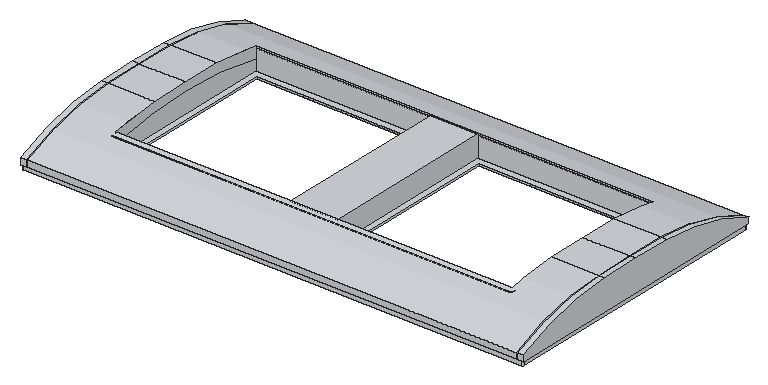
Revit family "Gira_0212803", category Electrical Fixtures, host Face, Revit 2017
Family settings
  Host = Face
  Maintain Annotation Orientation = No
  Round Connector Dimension = Use Diameter
  Part Type = Normal
  Cut with Voids When Loaded = No
  Shared = No
  Room Calculation Point = No
Parameters (values of type "Abdeckrahmen 2f Zwischenr. RW Gira Event Reinweiß")
  Werkstoffgüte = "Thermoplast"
  Werkstoff = "Kunststoff"
  URL = "http://katalog.gira.de/de_DE/datenblatt.html?artikelnr=0212803"
  Transparent = "No"
  Textfeld/Beschriftungsfläche = "No"
  Schutzart (IP) = "IP20"
  Region = "DE"
  Oberfläche = "sonstige"
  Name = "Abdeckrahmen 2f Zwischenr. RW Gira Event Reinweiß"
  Montagerichtung = "horizontal und vertikal"
  Mit Montagerahmen = "No"
  Mit Klappdeckel = "No"
  Manufacturer URL = "https://www.gira.de/"
  Keynote = "Event_Rahmen_2fach"
  HeinzeBIM = "https://bimportal.heinze.de/bim/abdeckrahmen-2f-zwischenr-rw-gira-event-reinweiss/da16baabc88458c66f79bcc021243b95723c1d70"
  Halogenfrei = "Yes"
  HAN = "0212803"
  Geeignet für Unterputz-Installation = "Yes"
  Geeignet für Unterflurkanaldose = "No"
  Geeignet für Geräteeinbaukanal = "No"
  Geeignet für Einbauinstallation = "No"
  GTIN = "4010337069973"
  Farbe = "weiß"
  Default Elevation = 1219.2 mm
  Data sheet (1) = "https://katalog.gira.de/de_DE/download.html?artikelnr=0212803"
  Category = "Abdeckrahmen"
  Befestigungsart = "Klemmbefestigung"
  Available = "Yes"
  Anzahl der Einheiten vertikal = "2 "
  Anzahl der Einheiten horizontal = "2 "
  Anzahl der Einheiten = "2 "
Reference planes
  plane 1 "Center (Front/Back)": y = 0
  plane 2: z = 0
  plane 3 "Center (Left/Right)": x = 0
Forms (mm)
  Extrusion 1, solid, detail levels fine
    sketch origin (0, 0, 0.05) x (0, 1, 0) y (0, 0, 1)
      loop
        arc (12.445, 9.683) -> (6.223, 9.833) -> (0, 9.85) r 291.636
        arc (0, 9.85) -> (-6.223, 9.833) -> (-12.445, 9.683) r 291.636
        arc (-12.445, 9.683) -> (-29.14, 7.482) -> (-45, 1.823) r 79.728
        line (-45, 1.823) -> (-45, -0.05) -> (-42.086, -0.05)
        arc (-42.086, -0.05) -> (-21.385, 5.559) -> (0, 7.206) r 114.424
        arc (0, 7.206) -> (21.385, 5.559) -> (42.086, -0.05) r 114.424
        line (42.086, -0.05) -> (45, -0.05) -> (45, 1.823)
        arc (45, 1.823) -> (29.14, 7.482) -> (12.445, 9.683) r 79.728
    from -78.55 to 78.55
  Extrusion 2, void, detail levels fine
    sketch origin (0, 0, 0) x (1, 0, 0) y (0, 1, 0)
      loop
        line (-63.55, -27.937) -> (63.55, -27.937) -> (63.55, 28.063) -> (-63.55, 28.063) -> (-63.55, -27.937)
    from 0.724 to 11
  Extrusion 3, solid, detail levels coarse
    sketch origin (0, 0, 0) x (1, 0, 0) y (0, 1, 0)
      loop
        line (-80.55, 45) -> (-80.55, -45) -> (80.55, -45) -> (80.55, 45) -> (-80.55, 45)
    from -1.5 to 9.9
  Extrusion 4, solid, detail levels medium
    sketch origin (0, 0, 0.05) x (0, 1, 0) y (0, 0, 1)
      loop
        arc (12.445, 9.683) -> (6.223, 9.833) -> (0, 9.85) r 291.636
        arc (0, 9.85) -> (-6.223, 9.833) -> (-12.445, 9.683) r 291.636
        arc (-12.445, 9.683) -> (-29.14, 7.482) -> (-45, 1.823) r 79.728
        line (-45, 1.823) -> (-45, -0.05) -> (45, -0.05) -> (45, 1.823)
        arc (45, 1.823) -> (29.14, 7.482) -> (12.445, 9.683) r 79.728
    from -80.55 to 80.55
  Extrusion 5, solid, detail levels fine
    sketch origin (-35.55, 0, -1.5) x (0, 1, 0) y (0, 0, -1)
      loop
        line (45, -3.373) -> (45, -1.5) -> (-45, -1.5) -> (-45, -3.373)
        arc (-45, -3.373) -> (-29.14, -9.032) -> (-12.445, -11.233) r 79.728
        arc (-12.445, -11.233) -> (-6.223, -11.383) -> (0, -11.4) r 291.636
        arc (0, -11.4) -> (6.223, -11.383) -> (12.445, -11.233) r 291.636
        arc (12.445, -11.233) -> (29.14, -9.032) -> (45, -3.373) r 79.728
    from 43 to 45
  Extrusion 6, solid, detail levels fine
    sketch origin (0, 0, 0) x (1, 0, 0) y (0, 1, 0)
      loop
        line (-61.45, 25.7) -> (-61.45, -25.7) -> (-9.65, -25.7) -> (-9.65, 25.7) -> (-61.45, 25.7)
      loop
        line (61.45, -25.7) -> (61.45, 25.7) -> (9.65, 25.7) -> (9.65, -25.7) -> (61.45, -25.7)
      loop
        line (-64.445, 28.49) -> (-64.445, -28.495)
        spline (-64.445, -28.495) -> (-64.436, -28.625) -> (-64.411, -28.754) -> (-64.369, -28.878) -> (-64.311, -28.995) -> (-64.238, -29.104) -> (-64.152, -29.202) -> (-64.054, -29.288) -> (-63.945, -29.361) -> (-63.828, -29.419) -> (-63.704, -29.461) -> (-63.575, -29.486) -> (-63.445, -29.495)
        line (-63.445, -29.495) -> (63.445, -29.495)
        spline (63.445, -29.495) -> (63.575, -29.486) -> (63.704, -29.461) -> (63.828, -29.419) -> (63.945, -29.361) -> (64.054, -29.288) -> (64.152, -29.202) -> (64.238, -29.104) -> (64.311, -28.995) -> (64.369, -28.878) -> (64.411, -28.754) -> (64.436, -28.625) -> (64.445, -28.495)
        line (64.445, -28.495) -> (64.445, 28.49)
        spline (64.445, 28.49) -> (64.436, 28.62) -> (64.411, 28.748) -> (64.369, 28.872) -> (64.311, 28.99) -> (64.238, 29.098) -> (64.152, 29.197) -> (64.054, 29.283) -> (63.945, 29.356) -> (63.828, 29.413) -> (63.704, 29.456) -> (63.575, 29.481) -> (63.445, 29.49)
        line (63.445, 29.49) -> (-63.445, 29.49)
        spline (-63.445, 29.49) -> (-63.575, 29.481) -> (-63.704, 29.456) -> (-63.828, 29.413) -> (-63.945, 29.356) -> (-64.054, 29.283) -> (-64.152, 29.197) -> (-64.238, 29.098) -> (-64.311, 28.99) -> (-64.369, 28.872) -> (-64.411, 28.748) -> (-64.436, 28.62) -> (-64.445, 28.49)
    from 0.1 to 7.3
  Extrusion 7, solid
    sketch origin (0, 0, 0) x (1, 0, 0) y (0, 1, 0)
      loop
        arc (-80.25, -44.2) -> (-80.104, -44.554) -> (-79.75, -44.7) r 0.5
        line (-79.75, -44.7) -> (79.75, -44.7)
        arc (79.75, -44.7) -> (80.104, -44.554) -> (80.25, -44.2) r 0.5
        line (80.25, -44.2) -> (80.25, 44.2)
        arc (80.25, 44.2) -> (80.104, 44.554) -> (79.75, 44.7) r 0.5
        line (79.75, 44.7) -> (-79.75, 44.7)
        arc (-79.75, 44.7) -> (-80.104, 44.554) -> (-80.25, 44.2) r 0.5
        line (-80.25, 44.2) -> (-80.25, -44.2)
      loop
        line (-78.55, 43) -> (-78.55, -43) -> (78.55, -43) -> (78.55, 43) -> (-78.55, 43)
    from -1.5 to 0.5
  Extrusion 8, solid, detail levels fine
    sketch origin (35.55, 0, -1.5) x (0, 1, 0) y (0, 0, 1)
      loop
        arc (45, 3.373) -> (29.14, 9.032) -> (12.445, 11.233) r 79.728
        arc (12.445, 11.233) -> (6.223, 11.383) -> (0, 11.4) r 291.636
        arc (0, 11.4) -> (-6.223, 11.383) -> (-12.445, 11.233) r 291.636
        arc (-12.445, 11.233) -> (-29.14, 9.032) -> (-45, 3.373) r 79.728
        line (-45, 3.373) -> (-45, 1.5) -> (45, 1.5) -> (45, 3.373)
    from 43 to 45
  Extrusion 9, solid, detail levels medium
    sketch origin (0, 0, 0) x (1, 0, 0) y (0, 1, 0)
      loop
        line (-80.25, -44.7) -> (80.25, -44.7) -> (80.25, 44.7) -> (-80.25, 44.7) -> (-80.25, -44.7)
    from -1.5 to 0.5
  Extrusion 10, solid, detail levels fine
    sketch origin (0, 0, 0) x (1, 0, 0) y (0, 1, 0)
      loop
        line (-7.55, 28.063) -> (-7.55, -27.937) -> (7.55, -27.937) -> (7.55, 28.063) -> (-7.55, 28.063)
    from 0.724 to 7.566
Cuts and joins
  Extrusion 2 cuts Extrusion 1
  Extrusion 2 cuts Extrusion 6
Dimensions and locks
  aligned and locked: plane 2 to host face
  aligned and locked: level to host face
